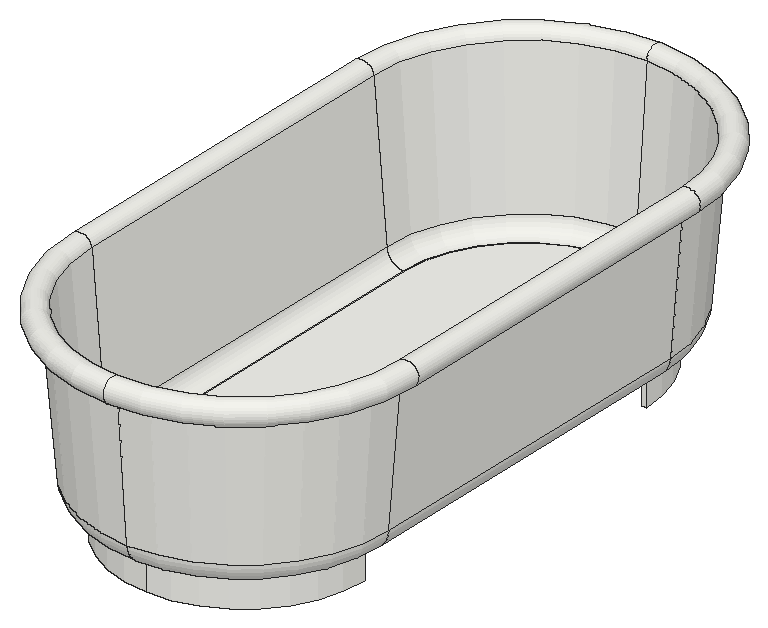
Revit family "PFX_A3-Bath-Free-Standing-(M)", category Plumbing Fixtures, Revit 2016
Family settings
  Part Type = Normal
  Round Connector Dimension = Use Diameter
  Work Plane-Based = No
  Always vertical = Yes
  Cut with Voids When Loaded = No
  Shared = No
  Room Calculation Point = No
Parameters (values of type "Btrh Free Standing 760 x 1525mm")
  Height = 460.00 mm
  Length = 1525.00 mm
  Tub Material = Porcelain - Ivory
  Width = 760.00 mm
Reference planes
  plane 1 "Center (Front/Back)": y = 0
  plane 2: z = 0
  plane 3 "Center (Left/Right)": x = 0
  plane 4: x = 380
  plane 5: x = -380
  plane 6: y = 762.5
  plane 7: y = -762.5
  plane 8: z = 434.6
  plane 9: z = 66.3
  plane 10: z = 460
Forms (mm)
  Sweep 1, solid, material "Porcelain - Ivory"
    path origin (0, 0, 434.6) x (1, 0, 0) y (0, 1, 0)
      loop
        arc (329.2, 382.5) -> (232.78, 615.28) -> (0, 711.7) r 329.2
        arc (0, 711.7) -> (-232.78, 615.28) -> (-329.2, 382.5) r 329.2
        line (-329.2, 382.5) -> (-329.2, -382.5)
        arc (-329.2, -382.5) -> (-232.78, -615.28) -> (0, -711.7) r 329.2
        arc (0, -711.7) -> (232.78, -615.28) -> (329.2, -382.5) r 329.2
        line (329.2, -382.5) -> (329.2, 382.5)
    profile origin (0, 0, 434.6) x (1, 0, 0) y (0, 0, 1)
      loop
        line (329.456, 3.598) -> (301.237, -318.943)
        arc (301.237, -318.943) -> (289.022, -343.713) -> (263.282, -353.723) r 38.1
        line (263.282, -353.723) -> (263.282, -368.646)
        arc (263.282, -368.646) -> (299.105, -354.716) -> (316.105, -320.244) r 53.024
        line (316.105, -320.244) -> (341.9, -25.4) -> (354.6, -25.4)
        arc (354.6, -25.4) -> (373.791, 16.64) -> (329.456, 3.598) r 25.4
  Extrusion 2, solid, material "Porcelain - Ivory"
    sketch origin (0, 0, 66.3) x (0, -1, 0) y (1, 0, 0)
      loop
        line (-382.5, -263.282) -> (382.5, -263.282)
        arc (382.5, -263.282) -> (568.669, -186.169) -> (645.782, 0) r 263.282
        arc (645.782, 0) -> (568.669, 186.169) -> (382.5, 263.282) r 263.282
        line (382.5, 263.282) -> (-382.5, 263.282)
        arc (-382.5, 263.282) -> (-568.669, 186.169) -> (-645.782, 0) r 263.282
        arc (-645.782, 0) -> (-568.669, -186.169) -> (-382.5, -263.282) r 263.282
    from 0 to 15.081
  Extrusion 3, solid, material "Porcelain - Ivory"
    sketch origin (0, 0, 0) x (1, 0, 0) y (0, 1, 0)
      loop
        arc (-263.282, -382.5) -> (-186.169, -568.669) -> (0, -645.782) r 263.282
        arc (0, -645.782) -> (186.169, -568.669) -> (263.282, -382.5) r 263.282
        line (263.282, -382.5) -> (253, -382.5)
        arc (253, -382.5) -> (178.898, -561.398) -> (0, -635.5) r 253
        arc (0, -635.5) -> (-178.898, -561.398) -> (-253, -382.5) r 253
        line (-253, -382.5) -> (-263.282, -382.5)
    from 0 to 66.3
  Extrusion 4, solid, material "Porcelain - Ivory"
    sketch origin (0, 0, 0) x (1, 0, 0) y (0, 1, 0)
      loop
        arc (-253, 382.5) -> (-178.898, 561.398) -> (0, 635.5) r 253
        arc (0, 635.5) -> (178.898, 561.398) -> (253, 382.5) r 253
        line (253, 382.5) -> (263.282, 382.5)
        arc (263.282, 382.5) -> (186.169, 568.669) -> (0, 645.782) r 263.282
        arc (0, 645.782) -> (-186.169, 568.669) -> (-263.282, 382.5) r 263.282
        line (-263.282, 382.5) -> (-253, 382.5)
    from 0 to 66.3
Lines and regions (mm)
  symbolic lines
    curve 1: line (-25.4, 762.5, 0) -> (25.4, 762.5, 0)
    curve 2: line (-380, -407.9, 0) -> (-380, 407.9, 0)
    curve 3: line (25.4, -762.5, 0) -> (-25.4, -762.5, 0)
    curve 4: line (380, 407.9, 0) -> (380, -407.9, 0)
    curve 5: arc (-25.4, 762.5, 0) -> (-276.14, 658.64, 0) -> (-380, 407.9, 0) r 354.6
    curve 6: arc (25.4, 762.5, 0) -> (276.14, 658.64, 0) -> (380, 407.9, 0) r 354.6
    curve 7: arc (-25.4, -762.5, 0) -> (-276.14, -658.64, 0) -> (-380, -407.9, 0) r 354.6
    curve 8: arc (380, -407.9, 0) -> (276.14, -658.64, 0) -> (25.4, -762.5, 0) r 354.6
    curve 9: line (-329.2, -382.5, 0) -> (-329.2, 382.5, 0)
    curve 10: line (329.2, 382.5, 0) -> (329.2, -382.5, 0)
    curve 11: arc (-329.2, 382.5, 0) -> (0, 711.7, 0) -> (329.2, 382.5, 0) r 329.2
    curve 12: arc (-329.2, -382.5, 0) -> (0, -711.7, 0) -> (329.2, -382.5, 0) r 329.2
    curve 13: arc (25.4, 407.9, 0) -> (0, 433.3, 0) -> (-25.4, 407.9, 0) r 25.4
    curve 14: arc (-25.4, 407.9, 0) -> (0, 382.5, 0) -> (25.4, 407.9, 0) r 25.4
Dimensions and locks
  equal spacing: plane 5, plane 3 "Center (Left/Right)", plane 4
  equal spacing: plane 7, plane 1 "Center (Front/Back)", plane 6
  "Width": plane 5 to plane 4
  "Length": plane 7 to plane 6
  locked: plane 9 to plane 8 at 368.3
  locked: plane 8 to plane 10 at 25.4
  "Height": plane 2 to plane 10
  locked: Sweep 1 sketch curve to plane 6 at 50.8
  locked: plane 7 to Sweep 1 sketch curve at 50.8
  locked: plane 7 to Extrusion 2 sketch curve at 116.718
  locked: plane 7 to Extrusion 3 sketch curve at 116.718
  locked: Extrusion 4 sketch curve to plane 6 at 116.718
  locked: Extrusion 4 sketch curve to plane 4 at 116.718
  aligned and locked: Extrusion 3 to plane 9
  aligned and locked: Extrusion 4 to plane 9
Automatic sketch dimensions
  curve 7 to plane 5 = 0.00 mm
  curve 5 to plane 6 = 0.00 mm
  curve 3 to plane 7 = 0.00 mm
  curve 13 to plane 3 "Center (Left/Right)" = 0.00 mm
  curve 11 to plane 3 "Center (Left/Right)" = 0.00 mm
  curve 4 to plane 4 = 0.00 mm
  curve 11 to plane 5 = 50.80 mm
  curve 14 to plane 3 "Center (Left/Right)" = 25.40 mm
  curve 5 to plane 3 "Center (Left/Right)" = 25.40 mm
  curve 7 to plane 3 "Center (Left/Right)" = 25.40 mm
  plane 3 "Center (Left/Right)" to curve 3 = 25.40 mm
  curve 6 to curve 13 = 0.00 mm
  curve 4 to curve 10 = 25.40 mm
  curve 9 to curve 2 = 25.40 mm
  curve 13 to curve 6 = 0.00 mm
  Sweep 1 sketch curve to plane 8 = 0.00 mm
  profile plane to Sweep 1 sketch curve = 65.918 mm
  profile plane to Sweep 1 sketch curve = 27.963 mm
  profile plane to Sweep 1 sketch curve = 13.095 mm
  Sweep 1 sketch curve to profile plane = 0.256 mm
  Sweep 1 sketch curve to profile plane = 12.70 mm
  Sweep 1 sketch curve to Sweep 1 sketch curve = 12.70 mm
  Sweep 1 sketch curve to Sweep 1 sketch curve = 25.40 mm
  Sweep 1 sketch curve to Sweep 1 sketch curve = 290.223 mm
  Sweep 1 sketch curve to Sweep 1 sketch curve = 0.00 mm
  Sweep 1 sketch curve to Sweep 1 sketch curve = 3.321 mm
  Sweep 1 sketch curve to Sweep 1 sketch curve = 1.301 mm
  Sweep 1 sketch curve to plane 3 "Center (Left/Right)" = 0.00 mm  (x2)
  Sweep 1 sketch curve to plane 5 = 50.80 mm
  plane 4 to Sweep 1 sketch curve = 50.80 mm
  Extrusion 2 sketch curve to plane 3 "Center (Left/Right)" = 0.00 mm  (x2)
  plane 6 to Extrusion 2 sketch curve = 116.718 mm
  plane 4 to Extrusion 2 sketch curve = 116.718 mm
  Extrusion 2 sketch curve to Extrusion 2 sketch curve = 0.00 mm
  Extrusion 3 sketch curve to plane 3 "Center (Left/Right)" = 0.00 mm  (x2)
  Extrusion 3 sketch curve to plane 5 = 127.00 mm
  Extrusion 3 sketch curve to Extrusion 3 sketch curve = 10.282 mm
  plane 4 to Extrusion 3 sketch curve = 127.00 mm
  Extrusion 4 sketch curve to plane 3 "Center (Left/Right)" = 0.00 mm  (x2)
  Extrusion 4 sketch curve to plane 5 = 127.00 mm
  Extrusion 4 sketch curve to Extrusion 4 sketch curve = 10.282 mm
